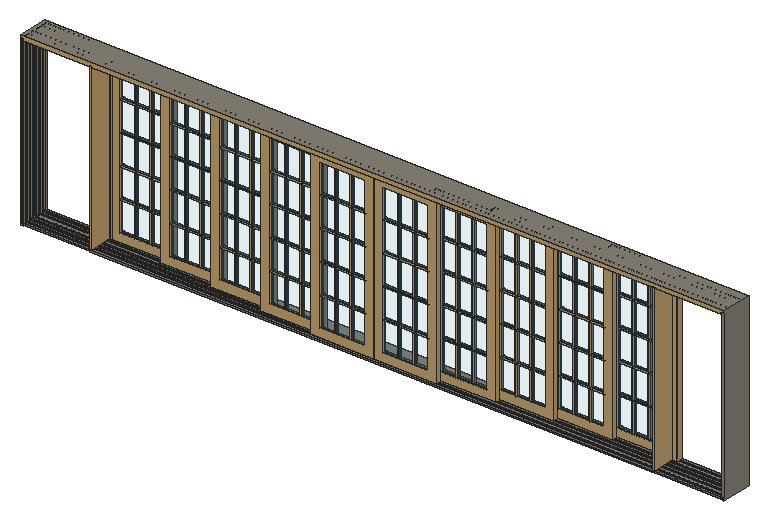
Revit family
Parameters (values of type "CMMSDP30080_PXXXXX-XXXXXP")
  W1 = if(Panels = 2, Nominal Width + 0' 0 5/64", if(Panels = 4, Nominal Width - 0' 11 17/64", if(Panels = 6, Nominal Width - 1' 10 39/64", if(Panels = 8, Nominal Width - 2' 9 61/64", Nominal Width - 3' 9 19/64"))))  # 26' - 2 45/64"
  V5a = if(Panels > 8, 0' 1 13/16", 0' 0")  # 0' - 1 13/16"
  V5 = if(Panels > 8, 0' 0 7/32", 0' 1")  # 0' - 0 7/32"
  V4a = if(Panels > 6, 0' 1 13/16", 0' 0")  # 0' - 1 13/16"
  V4 = if(Panels > 6, 0' 0 7/32", 0' 1")  # 0' - 0 7/32"
  V3a = if(Panels > 4, 0' 1 13/16", 0' 0")  # 0' - 1 13/16"
  V3 = if(Panels > 4, 0' 0 7/32", 0' 1")  # 0' - 0 7/32"
  V2a = if(Panels > 2, 0' 1 13/16", 0' 0")  # 0' - 1 13/16"
  V2 = if(Panels > 2, 0' 0 7/32", 0' 1")  # 0' - 0 7/32"
  URL = "www.marvin.com"
  Sill Material = Polyurethane-Marvin-Bronze
  Sill Liner = if(Performance Sill Constraint, 0' 1 1/16", 0' 0")  # 0' - 0"
  Rough Width Exterior = W1 + 0' 2 1/32"  # 26' - 4 47/64"
  Prairie Corner Width = 0' - 4"
  Prairie Corner Height = 0' - 4"
  Note to User = "PX-XP Flush Sill only"  # constant formula
  Performance Sill = no
  Performance Sill Constraint = and(P, Performance Sill)  # no
  P = Panels > 2  # yes
  Operator Arrow Visibility = yes
  Muntins Interior Material = Wood-Marvin-Pine
  Muntins Exterior Material = Aluminum-Marvin-Bronze
  Lite Cut Prairie 9 = no
  Lite Cut HV Grid = not(Lite Cut Prairie 9)  # yes
  Interior Material = Wood-Marvin-Pine
  Int Rough Offset = if(Panels = 2, 0' 4 39/128", 0' 0 7/128")  # 0' - 0 7/128"
  Function = 1
  Frame = "Aluminum Clad"
  Flush Sill = not(Performance Sill Constraint)  # yes
  Panel Start Center = Panel Width / 2  # 1' - 5 17/32"
  Panel Center = Panel Width - Panel Stile  # 2' - 6 21/64"
  Panel Stile = 0' - 4 47/64"  # constant formula
  Thickness = 0' - 2 1/4"  # constant formula
  Rough Width = Width + 0' 1"  # 32' - 9 15/16"
  Rough Height = Height + 0' 0 1/2"  # 7' - 11 7/32"
  Panels = if(Number of Panels < 2, 2, if(Number of Panels = 3, 4, if(Number of Panels = 5, 6, if(Number of Panels = 7, 8, if(Number of Panels = 9, 10, if(Number of Panels > 10, 10, Number of Panels))))))  # 10
  Panel Width = (W1 - 0' 1 61/64" + (Panel Stile * (Panels - 2))) / Panels  # 2' - 11 1/16"
  Panel Height = Height - 0' 2 7/32"  # 7' - 8 1/2"
  Panel 5 Visibility = Number of Panels > 8  # yes
  Panel 4 Visibility = Number of Panels > 6  # yes
  Panel 3 Visibility = Number of Panels > 4  # yes
  Number of Panels = 10
  Nominal Width = 30' - 0"
  Nominal Height = 8' - 0"
  Muntins Interior Visibility = yes
  Muntins Exterior Visibility = yes
  Model = "CMMSDP30080_PXXXXX-XXXXXP"
  Manufacturer = "Marvin Windows and Doors"
  Lites Wide = 3
  Lites High = 5
  Label Visibility = no
  Pocket Depth = Jamb Depth + 0' 0 3/8"  # 1' - 5 5/16"
  Jamb Depth = if(Panels = 2, 0' 4 55/64", if(Panels = 4, 0' 7 7/8", if(Panels = 6, 0' 10 57/64", if(Panels = 8, 1' 1 59/64", 1' 4 15/16"))))  # 1' - 4 15/16"
  Inset to Pocket Face [instance] = 0' - 2"
  Height = if(Nominal Height = 7' 0", Nominal Height + 0' 1 7/32", Nominal Height - 0' 1 9/32")  # 7' - 10 23/32"
  Wall Closure = (empty or 0)
  Width = if(Panel Width < 3' 0", W1 + 6' 6 15/64", if(Panel Width < 4' 0", W1 + 8' 6 15/64", if(Panel Width < 5' 0", W1 + 10' 6 15/64", W1 + 12' 6 15/64")))  # 32' - 8 15/16"
  Glazing Material = Glass-Marvin-IG Low E II with Argon
  Glass Type = "IG Low E II with Argon"
  Family created by = "www.rbuiltcomponents.com"
  Door Type = "Clad Ultimate Multi-Slide Pocket Door"
  Design Pressure = if(DP_1, "Not Rated", "DP40")  # "Not Rated"
  Description = "30080 MS DOOR"
  Daylight Area = DLO Width Panel * DLO Height Panel * Panels  # 147.575 SF
  Panel 2 Visibility = Number of Panels > 2  # yes
  DP_1 = or(or(Panel Height > 10' 0", Panel Width > 4' 0"), or(Panels = 2, Flush Sill))  # yes
  DLO Width Panel = Panel Width - (Panel Stile * 2)  # 2' - 1 19/32"
  DLO Height Panel = Panel Height - (Panel Stile * 2)  # 6' - 11 1/32"
  Cladding Material = Aluminum-Marvin-Bronze
  Assembly Code = ""
Reference planes (in)
  plane 1 "Center (Front/Back)": y = 0
  plane 2 "Center (Left/Right)": x = 0
  plane 3 "L": x = -157.35156
  plane 4 "Top": z = 94.71875
  plane 5 "Exterior": y = 11
  plane 6 "Interior": y = -11
  plane 7 "Inset": y = 7.90625
  plane 8: x = -156.42969
  plane 9: z = 93.71875
  plane 10 "Jamb Ext Face": y = -7.9375
  plane 11 "P1": y = 7.53125
  plane 12: y = 4.51172
  plane 13: y = 1.49219
  plane 14: y = -1.52734
  plane 15: x = -108.57031
  plane 16: x = -78.24219
  plane 17: x = -47.91406
  plane 18: x = -138.89844
  plane 19: x = -17.58594
  plane 20: y = -7.56641
  plane 21: y = -4.54688
  plane 22 "Right": x = -196.46875
  plane 23 "Pocket Ext": y = 9
  plane 24: x = -157.85156
  plane 25 "Ext Rough Right": x = -158.36719
  plane 26: y = -8.3125
  plane 27: x = -195.54688
  plane 28: x = 157.35156
  plane 29: x = 156.42969
  plane 30: x = 108.57031
  plane 31: x = 78.24219
  plane 32: x = 47.91406
  plane 33: x = 138.89844
  plane 34: x = 17.58594
  plane 35 "Left": x = 196.46875
  plane 36: x = 157.85156
  plane 37 "Ext Rough Left": x = 158.36719
  plane 38: x = 195.54688
  plane 39 "Int Rough Left": x = 157.40625
  plane 40 "Int Rough Right": x = -157.40625
  plane 41 "Rough Right": x = -196.96875
  plane 42 "Rough Left": x = 196.96875
Forms (in)
  Extrusion 1, void
    sketch origin (0, 0, 0) x (1, 0, 0) y (0, 1, 0)
      loop
        line (-156.90625, 9) -> (-156.90625, -11) -> (156.90625, -11) -> (156.90625, 9) -> (-156.90625, 9)
    from 0 to 94.71875
  Sweep 2, solid, material "Polyurethane-Marvin-Bronze" <- "Sill Material"
    path origin (0, 7.90625, 0) x (1, 0, 0) y (0, 0, 1)
      loop
        line (195.54688, 0) -> (-195.54688, 0)
    profile origin (0, 7.90625, 0) x (0, 0, -1) y (0, -1, 0)
      loop
        line (0, -1.03125) -> (0, 15.375) -> (-0.75, 15.375) -> (-0.75, 14.11328) -> (-0.25, 14.11328) -> (-0.25, 12.67578) -> (-0.75, 12.67578) -> (-0.75, -1.03125) -> (0, -1.03125)
  Sweep 3, solid, material "Polyurethane-Marvin-Bronze" <- "Sill Material"
    path origin (0, 7.90625, 0) x (1, 0, 0) y (0, 0, 1)
      loop
        line (157.85156, 0) -> (-157.85156, 0)
    profile origin (0, 7.90625, 0) x (0, 0, -1) y (0, -1, 0)
      loop
        line (-0.75, 15.375) -> (0, 15.375) -> (0, 15.84375) -> (-0.75, 15.84375) -> (-0.75, 15.375)
  Sweep 4, solid, material "Aluminum-Marvin-Bronze" <- "Cladding Material"
    path origin (0, 7.90625, 0) x (1, 0, 0) y (0, 0, 1)
      loop
        line (-196.46875, 0) -> (-196.46875, 94.71875) -> (196.46875, 94.71875) -> (196.46875, 0)
    profile origin (0, 7.90625, 94.71875) x (0, 0, 1) y (0, -1, 0)
      loop
        line (0, 15.84375) -> (-1.971, 15.84375) -> (-1.971, 15.0625) -> (-1.8125, 15.0625) -> (-1.8125, -0.40625) -> (-0.84375, -0.40625) -> (-0.84375, -1.0935) -> (0, -1.0935) -> (0, 15.84375)
  Sweep 5, void
    path origin (0, 7.90625, 0) x (1, 0, 0) y (0, 0, 1)
      loop
        line (-194.65625, 94.71875) -> (-121.36719, 94.71875)
    profile origin (-158.01172, 7.90625, 94.71875) x (0, 0, 1) y (0, -1, 0)
      loop
        line (-0.25, 2.76172) -> (-1.5, 2.76172) -> (-1.5, 3.01172) -> (-1.8125, 3.01172) -> (-1.8125, 0) -> (-1.5, 0) -> (-1.5, 0.25) -> (-0.25, 0.25) -> (-0.25, 2.76172)
  Sweep 6, void
    path origin (0, 7.90625, 0) x (1, 0, 0) y (0, 0, 1)
      loop
        line (-194.65625, 94.71875) -> (-91.03906, 94.71875)
    profile origin (-142.84766, 7.90625, 94.71875) x (0, 0, 1) y (0, -1, 0)
      loop
        line (-0.25, 3.26172) -> (-0.25, 5.77344) -> (-1.5, 5.77344) -> (-1.5, 6.02344) -> (-1.8125, 6.02344) -> (-1.8125, 3.01172) -> (-1.5, 3.01172) -> (-1.5, 3.26172) -> (-0.25, 3.26172)
  Sweep 7, void
    path origin (0, 7.90625, 0) x (1, 0, 0) y (0, 0, 1)
      loop
        line (-194.65625, 94.71875) -> (-60.71094, 94.71875)
    profile origin (-127.68359, 7.90625, 94.71875) x (0, 0, 1) y (0, -1, 0)
      loop
        line (-0.25, 8.78125) -> (-1.5, 8.78125) -> (-1.5, 9.03125) -> (-1.8125, 9.03125) -> (-1.8125, 5.89453) -> (-1.5, 5.89453) -> (-1.5, 6.26953) -> (-0.25, 6.26953) -> (-0.25, 8.78125)
  Sweep 8, void
    path origin (0, 7.90625, 0) x (1, 0, 0) y (0, 0, 1)
      loop
        line (-194.65625, 94.71875) -> (-30.38281, 94.71875)
    profile origin (-112.51953, 7.90625, 94.71875) x (0, 0, 1) y (0, -1, 0)
      loop
        line (-0.25, 9.28906) -> (-0.25, 11.80078) -> (-1.5, 11.80078) -> (-1.5, 12.05078) -> (-1.8125, 12.05078) -> (-1.8125, 8.91406) -> (-1.5, 8.91406) -> (-1.5, 9.28906) -> (-0.25, 9.28906)
  Sweep 9, void
    path origin (0, 7.90625, 0) x (1, 0, 0) y (0, 0, 1)
      loop
        line (-194.65625, 94.71875) -> (194.65625, 94.71875)
    profile origin (0, 7.90625, 94.71875) x (0, 0, 1) y (0, -1, 0)
      loop
        line (-0.25, 14.82031) -> (-1.5, 14.82031) -> (-1.5, 15.07031) -> (-1.8125, 15.07031) -> (-1.8125, 11.93359) -> (-1.5, 11.93359) -> (-1.5, 12.30859) -> (-0.25, 12.30859) -> (-0.25, 14.82031)
  Extrusion 10, void
    sketch origin (0, 0, 0) x (1, 0, 0) y (0, 1, 0)
      loop
        line (-195.54688, 4.29297) -> (-195.54688, 2.82617) -> (-91.03906, 2.82617) -> (-91.03906, 4.29297) -> (-195.54688, 4.29297)
      loop
        line (-195.54688, -0.18555) -> (-60.71094, -0.18555) -> (-60.71094, 1.27344) -> (-195.54688, 1.27344) -> (-195.54688, -0.18555)
      loop
        line (-195.54688, -3.18359) -> (-30.38281, -3.18359) -> (-30.38281, -1.74609) -> (-195.54688, -1.74609) -> (-195.54688, -3.18359)
      loop
        line (-195.54688, -6.20313) -> (-0.05469, -6.20313) -> (-0.05469, -4.76563) -> (-195.54688, -4.76563) -> (-195.54688, -6.20313)
      loop
        line (-195.54688, 5.83789) -> (-121.36719, 5.83789) -> (-121.36719, 7.25391) -> (-195.54688, 7.25391) -> (-195.54688, 5.83789)
    from 0.25 to 0.75
  Sweep 11, solid, material "Aluminum-Marvin-Bronze" <- "Cladding Material"
    path origin (0, 7.53125, 0) x (1, 0, 0) y (0, 0, 1)
      loop
        line (-157.85156, 94.71875) -> (-157.85156, 0)
    profile origin (-157.85156, 7.53125, 47.35938) x (0, -1, 0) y (1, 0, 0)
      loop
        line (-1.4685, 1.31425) -> (-1.4685, 0.0625) -> (-3.2185, 0.0625) -> (-3.2185, 0) -> (-1.4685, 0) -> (-1.4685, -1.4675) -> (-1.406, -1.4675) -> (-1.406, 0.42092) -> (-0.69862, 0.42092) -> (-0.60434, 0.3549) -> (-0.60434, -0.24561) -> (-0.52621, -0.30031) -> (-0.125, -0.30031) -> (-0.125, 1.908) -> (-0.375, 1.908) -> (-0.375, 2.283) -> (-0.8125, 2.283) -> (-0.8125, 1.31425) -> (-1.4685, 1.31425)
  Extrusion 12, void
    sketch origin (0, 0, 0) x (1, 0, 0) y (0, 1, 0)
      loop
        line (-196.46875, 9) -> (-196.46875, -8.3125) -> (-156.42969, -8.3125) -> (-156.42969, 9) -> (-196.46875, 9)
    from 0 to 94.71875
  Sweep 13, void
    path origin (0, 7.90625, 0) x (1, 0, 0) y (0, 0, 1)
      loop
        line (-196.46875, 93.71875) -> (-196.46875, 0.75)
    profile origin (-196.46875, 7.90625, 47.23438) x (0, -1, 0) y (1, 0, 0)
      loop
        line (0.24975, 1.5) -> (0.24975, 0.25) -> (2.74194, 0.25) -> (2.74194, 1.5) -> (3.281, 1.5) -> (3.281, 0.25) -> (5.75366, 0.25) -> (5.75366, 1.5) -> (6.29272, 1.5) -> (6.29272, 0.25) -> (8.76538, 0.25) -> (8.76538, 1.5) -> (9.30444, 1.5) -> (9.30444, 0.25) -> (11.77709, 0.25) -> (11.77709, 1.5) -> (12.31616, 1.5) -> (12.31616, 0.25) -> (14.78881, 0.25) -> (14.78881, 1.5) -> (15.32788, 1.5) -> (15.32788, 1.8125) -> (-0.00025, 1.8125) -> (-0.00025, 1.5) -> (0.24975, 1.5)
  Sweep 14, void
    path origin (0, 7.90625, 0) x (1, 0, 0) y (0, 0, 1)
      loop
        line (-196.46875, 93.71875) -> (-196.46875, 0.75)
    profile origin (-196.46875, 7.90625, 47.23438) x (0, -1, 0) y (1, 0, 0)
      loop
        line (12.31225, 1.5) -> (12.31225, 0.25) -> (14.78491, 0.25) -> (14.78491, 1.5) -> (15.32397, 1.5) -> (15.32397, -0.25) -> (16.21875, -0.25) -> (16.21875, 2.03125) -> (15.03125, 2.03125) -> (15.03125, 1.8125) -> (11.77319, 1.8125) -> (11.77319, 1.5) -> (12.31225, 1.5)
  Sweep 15, solid, material "Wood-Marvin-Pine" <- "Interior Material"
    path origin (0, 7.53125, 0) x (1, 0, 0) y (0, 0, 1)
      loop
        line (-157.85156, 93.21875) -> (-157.85156, 1.21875)
    profile origin (-157.85156, 7.53125, 47.21875) x (0, -1, 0) y (1, 0, 0)
      loop
        line (-0.52621, -2.40625) -> (3.25, -2.40625) -> (3.25, 0.10925) -> (15.46875, 0.10925) -> (15.46875, 1.203) -> (3.25, 1.203) -> (3.25, 1.30256) -> (2.84881, 1.70375) -> (2.21875, 1.70375) -> (2.21875, 1.42187) -> (-0.125, 1.42187) -> (-0.125, -0.30031) -> (-0.52621, -0.30031) -> (-0.52621, -2.40625)
  Extrusion 16, void
    sketch origin (0, -7.9375, 0) x (1, 0, 0) y (0, 0, 1)
      loop
        line (-157.74231, 93.21875) -> (-157.74231, 92.74775) -> (-156.64856, 92.74775) -> (-156.64856, 93.21875) -> (-157.74231, 93.21875)
      loop
        line (-157.74231, 0.75) -> (-157.74231, 0) -> (-156.64856, 0) -> (-156.64856, 0.75) -> (-157.74231, 0.75)
    from 0 to -0.78125
  Extrusion 17, void
    sketch origin (0.125, 0, 0) x (-1, 0, 0) y (0, -1, 0)
      loop
        line (-196.34375, -9) -> (-156.30469, -9) -> (-156.30469, 8.3125) -> (-196.34375, 8.3125) -> (-196.34375, -9)
    from 0 to 94.71875
  Sweep 18, solid, material "Aluminum-Marvin-Bronze" <- "Cladding Material"
    path origin (0, 7.53125, 0) x (-1, 0, 0) y (0, 0, 1)
      loop
        line (-157.85156, 94.71875) -> (-157.85156, 0)
    profile origin (157.85156, 7.53125, 47.35938) x (0, -1, 0) y (1, 0, 0)
      loop
        line (-1.4685, -1.31425) -> (-0.8125, -1.31425) -> (-0.8125, -2.283) -> (-0.375, -2.283) -> (-0.375, -1.908) -> (-0.125, -1.908) -> (-0.125, 0.30031) -> (-0.52621, 0.30031) -> (-0.60434, 0.24561) -> (-0.60434, -0.3549) -> (-0.69862, -0.42092) -> (-1.406, -0.42092) -> (-1.406, 1.4675) -> (-1.4685, 1.4675) -> (-1.4685, 0) -> (-3.2185, 0) -> (-3.2185, -0.0625) -> (-1.4685, -0.0625) -> (-1.4685, -1.31425)
  Sweep 19, solid, material "Wood-Marvin-Pine" <- "Interior Material"
    path origin (0, 7.53125, 0) x (-1, 0, 0) y (0, 0, 1)
      loop
        line (-157.85156, 93.21875) -> (-157.85156, 1.21875)
    profile origin (157.85156, 7.53125, 47.21875) x (0, -1, 0) y (1, 0, 0)
      loop
        line (-0.52621, 2.40625) -> (-0.52621, 0.30031) -> (-0.125, 0.30031) -> (-0.125, -1.42187) -> (2.21875, -1.42187) -> (2.21875, -1.70375) -> (2.84881, -1.70375) -> (3.25, -1.30256) -> (3.25, -1.203) -> (15.46875, -1.203) -> (15.46875, -0.10925) -> (3.25, -0.10925) -> (3.25, 2.40625) -> (-0.52621, 2.40625)
  Extrusion 20, void
    sketch origin (0, -7.9375, 0) x (-1, 0, 0) y (0, 0, -1)
      loop
        line (-157.74231, -93.21875) -> (-156.64856, -93.21875) -> (-156.64856, -92.74775) -> (-157.74231, -92.74775) -> (-157.74231, -93.21875)
      loop
        line (-157.74231, -0.75) -> (-156.64856, -0.75) -> (-156.64856, 0) -> (-157.74231, 0) -> (-157.74231, -0.75)
    from 0 to -0.78125
  Extrusion 21, void
    sketch origin (0, 0, 0) x (-1, 0, 0) y (0, -1, 0)
      loop
        line (-195.54688, -4.29297) -> (-91.03906, -4.29297) -> (-91.03906, -2.82617) -> (-195.54688, -2.82617) -> (-195.54688, -4.29297)
      loop
        line (-195.54688, 0.18555) -> (-195.54688, -1.27344) -> (-60.71094, -1.27344) -> (-60.71094, 0.18555) -> (-195.54688, 0.18555)
      loop
        line (-195.54688, 3.18359) -> (-195.54688, 1.74609) -> (-30.38281, 1.74609) -> (-30.38281, 3.18359) -> (-195.54688, 3.18359)
      loop
        line (-195.54688, 6.20312) -> (-195.54688, 4.76562) -> (-0.05469, 4.76562) -> (-0.05469, 6.20312) -> (-195.54688, 6.20312)
      loop
        line (-195.54688, -5.83789) -> (-195.54688, -7.25391) -> (-121.36719, -7.25391) -> (-121.36719, -5.83789) -> (-195.54688, -5.83789)
    from 0.25 to 0.75
  Sweep 22, void
    path origin (0, 7.90625, 0) x (-1, 0, 0) y (0, 0, 1)
      loop
        line (-196.46875, 93.71875) -> (-196.46875, 0.75)
    profile origin (196.46875, 7.90625, 47.23438) x (0, -1, 0) y (1, 0, 0)
      loop
        line (0.24975, -1.5) -> (-0.00025, -1.5) -> (-0.00025, -1.8125) -> (15.32788, -1.8125) -> (15.32788, -1.5) -> (14.78881, -1.5) -> (14.78881, -0.25) -> (12.31616, -0.25) -> (12.31616, -1.5) -> (11.77709, -1.5) -> (11.77709, -0.25) -> (9.30444, -0.25) -> (9.30444, -1.5) -> (8.76538, -1.5) -> (8.76538, -0.25) -> (6.29272, -0.25) -> (6.29272, -1.5) -> (5.75366, -1.5) -> (5.75366, -0.25) -> (3.281, -0.25) -> (3.281, -1.5) -> (2.74194, -1.5) -> (2.74194, -0.25) -> (0.24975, -0.25) -> (0.24975, -1.5)
  Sweep 23, void
    path origin (0, 7.90625, 0) x (-1, 0, 0) y (0, 0, 1)
      loop
        line (-196.46875, 93.71875) -> (-196.46875, 0.75)
    profile origin (196.46875, 7.90625, 47.23438) x (0, -1, 0) y (1, 0, 0)
      loop
        line (12.31225, -1.5) -> (11.77319, -1.5) -> (11.77319, -1.8125) -> (15.03125, -1.8125) -> (15.03125, -2.03125) -> (16.21875, -2.03125) -> (16.21875, 0.25) -> (15.32397, 0.25) -> (15.32397, -1.5) -> (14.78491, -1.5) -> (14.78491, -0.25) -> (12.31225, -0.25) -> (12.31225, -1.5)
  Sweep 24, void
    path origin (0, 7.90625, 0) x (-1, 0, 0) y (0, 0, 1)
      loop
        line (-194.65625, 94.71875) -> (-121.36719, 94.71875)
    profile origin (158.01172, 7.90625, 94.71875) x (0, 0, -1) y (0, -1, 0)
      loop
        line (0.25, 2.74219) -> (0.25, 0.25) -> (1.5, 0.25) -> (1.5, 0) -> (1.8125, 0) -> (1.8125, 2.99219) -> (1.5, 2.99219) -> (1.5, 2.74219) -> (0.25, 2.74219)
  Sweep 25, void
    path origin (0, 7.90625, 0) x (-1, 0, 0) y (0, 0, 1)
      loop
        line (-194.65625, 94.71875) -> (-91.03906, 94.71875)
    profile origin (142.84766, 7.90625, 94.71875) x (0, 0, -1) y (0, -1, 0)
      loop
        line (0.25, 3.26172) -> (1.5, 3.26172) -> (1.5, 2.76172) -> (1.8125, 2.76172) -> (1.8125, 6.00391) -> (1.5, 6.00391) -> (1.5, 5.75391) -> (0.25, 5.75391) -> (0.25, 3.26172)
  Sweep 26, void
    path origin (0, 7.90625, 0) x (-1, 0, 0) y (0, 0, 1)
      loop
        line (-194.65625, 94.71875) -> (-60.71094, 94.71875)
    profile origin (127.68359, 7.90625, 94.71875) x (0, 0, -1) y (0, -1, 0)
      loop
        line (0.25, 8.76563) -> (0.25, 6.26953) -> (1.5, 6.26953) -> (1.5, 5.89453) -> (1.8125, 5.89453) -> (1.8125, 9.01563) -> (1.5, 9.01563) -> (1.5, 8.76563) -> (0.25, 8.76563)
  Sweep 27, void
    path origin (0, 7.90625, 0) x (-1, 0, 0) y (0, 0, 1)
      loop
        line (-194.65625, 94.71875) -> (-30.38281, 94.71875)
    profile origin (112.51953, 7.90625, 94.71875) x (0, 0, -1) y (0, -1, 0)
      loop
        line (0.25, 9.28906) -> (1.5, 9.28906) -> (1.5, 8.91406) -> (1.8125, 8.91406) -> (1.8125, 12.02734) -> (1.5, 12.02734) -> (1.5, 11.77734) -> (0.25, 11.77734) -> (0.25, 9.28906)
  Extrusion 28, void
    sketch origin (0, 0, 0) x (1, 0, 0) y (0, 1, 0)
      loop
        line (-157.86719, 11) -> (-157.86719, 9) -> (157.86719, 9) -> (157.86719, 11) -> (-157.86719, 11)
    from 0 to 94.71875
Cuts and joins
  Sweep 5, Sweep 6, Sweep 7, Sweep 8, Sweep 9, Sweep 13, Sweep 14, Sweep 22, Sweep 23, Sweep 24, Sweep 25, Sweep 26, Sweep 27, Extrusion 28 cuts Sweep 4
  Extrusion 16, Extrusion 17, Extrusion 20, Sweep 22, Sweep 23, Sweep 24, Sweep 25, Sweep 26, Sweep 27, Extrusion 28 cuts Sweep 11
  Sweep 22, Sweep 23, Sweep 24, Sweep 25, Sweep 26, Sweep 27, Extrusion 28 cuts Sweep 18
  joined: Sweep 4, Sweep 11, Sweep 18
  Extrusion 16, Extrusion 17, Extrusion 20, Sweep 24, Sweep 25, Sweep 26, Sweep 27, Extrusion 28 cuts Sweep 15
  Sweep 6, Sweep 7, Sweep 8, Sweep 9, Extrusion 10, Sweep 13, Sweep 14, Extrusion 21, Sweep 23, Extrusion 28 cuts Sweep 2
  Extrusion 10, Sweep 13, Sweep 14, Extrusion 21, Sweep 22, Sweep 23, Extrusion 28 cuts Sweep 3
  joined: Sweep 2, Sweep 3
  Extrusion 20, Extrusion 28 cuts Sweep 19
Lines and regions (in)
  Masking region 1
    outline origin (0, 0, 0) x (0, 1, 0) y (0, 0, 1)
      loop
        line (8.99975, 94.71875) -> (-7.9375, 94.71875) -> (-7.9375, 0) -> (8.99975, 0) -> (8.99975, 94.71875)
  symbolic lines, style "DoorsPanelProjection", detail levels coarse+medium
    curve 1: line (0, 7.53125, 93.71875) -> (0, 5.3125, 93.71875)
    curve 2: line (0, 7.53125, 88.98437) -> (0, 7.53125, 93.71875)
    curve 3: line (0, 5.3125, 88.98437) -> (0, 7.53125, 88.98437)
    curve 4: line (0, 5.3125, 93.71875) -> (0, 5.3125, 88.98437)
    curve 5: line (0, 5.3125, 1.21875) -> (0, 7.53125, 1.21875)
    curve 6: line (0, 5.3125, 5.95312) -> (0, 5.3125, 1.21875)
    curve 7: line (0, 7.53125, 5.95312) -> (0, 5.3125, 5.95312)
    curve 8: line (0, 7.53125, 1.21875) -> (0, 7.53125, 5.95312)
    curve 9: line (0, 7.53125, 5.95312) -> (0, 7.53125, 88.98437)
    curve 15: line (0, 5.3125, 88.98437) -> (0, 5.3125, 5.95312)
  symbolic lines, style "DoorsGlassProjection", detail levels coarse+medium
    curve 10: line (0, 6.42187, 5.95312) -> (0, 6.42187, 88.98437)
  symbolic lines, style "DoorsFrameMullionProjection", detail levels coarse+medium
    curve 11: line (0, 8.99975, 94.71875) -> (0, -7.9375, 94.71875)
    curve 12: line (0, 8.99975, 92.90625) -> (0, 8.99975, 94.71875)
    curve 13: line (0, -7.9375, 92.74775) -> (0, -6.90625, 92.74775)
    curve 14: line (0, -7.9375, 94.71875) -> (0, -7.9375, 92.74775)
    curve 16: line (0, -6.90625, 93.71875) -> (0, 7.65625, 93.71875)
    curve 17: line (0, 7.65625, 92.90625) -> (0, 7.65625, 93.71875)
    curve 18: line (0, -6.90625, 92.74775) -> (0, -6.90625, 93.71875)
    curve 19: line (0, 7.65625, 92.90625) -> (0, 8.99975, 92.90625)
    curve 20: line (0, 9, 0) -> (0, -7.9375, 0)
    curve 21: line (0, 9, 0.75) -> (0, 9, 0)
    curve 22: line (0, -7.9375, 0.75) -> (0, 9, 0.75)
    curve 23: line (0, -7.9375, 0) -> (0, -7.9375, 0.75)
Text (in)
  text "Exterior" at (-74.96733, 27.31104, 0), in view "Ref. Level"
  text "Interior" at (-74.96733, -25.14366, 0), in view "Ref. Level"
  text "Exterior" at (0, 40.15149, 123.01588), in view "Right"
  text "Interior" at (0, -64.39139, 123.01588), in view "Right"
  text "Interior" at (0, -31.01599, 123.00693), in view "Left"
  text "Exterior" at (0, 54.57065, 123.00693), in view "Left"
Dimensions and locks (in)
  "Height": level to plane 4 "Top"
  locked: plane 3 "L" to plane 8 at 0.92188
  locked: plane 9 to plane 4 "Top" at 1
  locked: nested 1 to host wall at 12
  equal spacing: nested 6, curve 10, nested 6
  locked: Sweep 4 sketch curve to plane 10 "Jamb Ext Face" at 0.78125
  Sweep 9 sketch curve to Sweep 9 sketch curve to Sweep 9 sketch curve = 0' - 1 1/4" locked, 0' - 0 5/16" locked
  "V5a": Sweep 9 sketch curve to plane 4 "Top"
  Sweep 8 sketch curve to Sweep 8 sketch curve to Sweep 8 sketch curve = 0' - 0 5/16" locked, 0' - 1 1/4" locked
  "V4a": Sweep 8 sketch curve to plane 4 "Top"
  Sweep 7 sketch curve to Sweep 7 sketch curve to Sweep 7 sketch curve = 0' - 1 1/4" locked, 0' - 0 5/16" locked
  "V3a": Sweep 7 sketch curve to plane 4 "Top"
  Sweep 5 sketch curve to Sweep 5 sketch curve to plane 11 "P1" to Sweep 5 sketch curve to Sweep 5 sketch curve = 0' - 0 1/4" locked, 0' - 0 1/8" locked, 0' - 2 99/256" locked, 0' - 0 1/4" locked
  Sweep 6 sketch curve to Sweep 6 sketch curve to plane 12 to Sweep 6 sketch curve to Sweep 6 sketch curve = 0' - 0 1/4" locked, 0' - 0 17/128" locked, 0' - 2 97/256" locked, 0' - 0 1/4" locked
  Sweep 7 sketch curve to Sweep 7 sketch curve to plane 13 to Sweep 7 sketch curve to Sweep 7 sketch curve = 0' - 0 3/8" locked, 0' - 0 37/256" locked, 0' - 2 47/128" locked, 0' - 0 1/4" locked
  Sweep 8 sketch curve to Sweep 8 sketch curve to plane 14 to Sweep 8 sketch curve to Sweep 8 sketch curve = 0' - 0 3/8" locked, 0' - 0 37/256" locked, 0' - 2 47/128" locked, 0' - 0 1/4" locked
  Sweep 9 sketch curve to Sweep 9 sketch curve to plane 21 to Sweep 9 sketch curve to Sweep 9 sketch curve = 0' - 0 3/8" locked, 0' - 0 37/256" locked, 0' - 2 47/128" locked, 0' - 0 1/4" locked
  locked: Sweep 2 sketch curve to plane 10 "Jamb Ext Face" at 0.46875
  "V5": plane 21 to Extrusion 10 sketch curve
  "V4": Extrusion 10 sketch curve to plane 14
  "V3": Extrusion 10 sketch curve to plane 13
  Sweep 2 sketch curve to Sweep 2 sketch curve to plane 10 "Jamb Ext Face" = 0' - 1 7/16" locked, 0' - 1 187/256" locked
  locked: Extrusion 10 to level at 0.25
  "Panel Start Center": plane 15 to Extrusion 10 sketch curve
  "Panel Start Center": plane 16 to Extrusion 10 sketch curve
  "Panel Start Center": plane 17 to Extrusion 10 sketch curve
  "Panel Start Center": plane 19 to Extrusion 10 sketch curve
  locked: Extrusion 10 sketch curve to plane 12 at 1.68555
  locked: Extrusion 10 sketch curve to plane 13 at 1.67773
  locked: Extrusion 10 sketch curve to plane 14 at 1.65625
  locked: plane 21 to Extrusion 10 sketch curve at 1.65625
  "Panel Start Center": plane 18 to Extrusion 10 sketch curve
  "Inset to Pocket Face": host wall to plane 23 "Pocket Ext"
  "Jamb Depth": plane 10 "Jamb Ext Face" to plane 23 "Pocket Ext"
  locked: plane 11 "P1" to plane 7 "Inset" at 0.375
  plane 20 to plane 21 to plane 14 to plane 13 to plane 12 to plane 11 "P1" = 0' - 3 5/256" locked, 0' - 3 5/256" locked, 0' - 3 5/256" locked, 0' - 3 5/256" locked, 0' - 3 5/256" locked
  locked: plane 7 "Inset" to plane 23 "Pocket Ext" at 1.09375
  plane 25 "Ext Rough Right" to plane 24 to plane 3 "L" = 0' - 0 33/64" locked, 0' - 0 1/2" locked
  locked: plane 26 to plane 10 "Jamb Ext Face" at 0.375
  locked: plane 22 "Right" to plane 27 at 0.92187
  plane 10 "Jamb Ext Face" to Sweep 14 sketch curve to Sweep 14 sketch curve to Sweep 14 sketch curve to Sweep 14 sketch curve = 0' - 0.51978" locked, 0' - 0 69/128" locked, 0' - 2 121/256" locked, 0' - 0 69/128" locked
  "Sill Liner": Sweep 3 sketch curve to nested 6
  locked: Extrusion 10 sketch curve to plane 11 "P1" at 1.69336
  "V2": Extrusion 10 sketch curve to plane 12
  Sweep 6 sketch curve to Sweep 6 sketch curve to Sweep 6 sketch curve = 0' - 0 5/16" locked, 0' - 1 1/4" locked
  "V2a": Sweep 6 sketch curve to plane 4 "Top"
  "Panel Start Center": plane 18 to plane 8
  locked: plane 28 to plane 29 at 0.92188
  plane 37 "Ext Rough Left" to plane 36 to plane 28 = 0' - 0 33/64" locked, 0' - 0 1/2" locked
  locked: plane 35 "Left" to plane 38 at 0.92187
  "Panel Start Center": plane 33 to plane 29
  "Width": plane 35 "Left" to plane 22 "Right"
  "W1": plane 28 to plane 3 "L"
  "Panel Center": plane 30 to plane 33
  "Panel Center": plane 31 to plane 30
  "Panel Center": plane 32 to plane 31
  "Panel Center": plane 34 to plane 32
  "Panel Center": plane 17 to plane 19
  "Panel Center": plane 17 to plane 16
  "Panel Center": plane 16 to plane 15
  "Panel Center": plane 15 to plane 18
  equal spacing: plane 22 "Right", plane 2 "Center (Left/Right)", plane 35 "Left"
  locked: Extrusion 21 sketch curve to Extrusion 21 sketch curve at 1.41602
  "V2": Extrusion 21 sketch curve to plane 12
  locked: Extrusion 21 sketch curve to Extrusion 21 sketch curve at 1.4668
  "V3": Extrusion 21 sketch curve to plane 13
  locked: Extrusion 21 sketch curve to Extrusion 21 sketch curve at 1.45898
  "V4": Extrusion 21 sketch curve to plane 14
  locked: Extrusion 21 sketch curve to Extrusion 21 sketch curve at 1.4375  (x2)
  "V5": plane 21 to Extrusion 21 sketch curve
  "Panel Start Center": Extrusion 21 sketch curve to plane 34
  "Panel Start Center": Extrusion 21 sketch curve to plane 32
  "Panel Start Center": Extrusion 21 sketch curve to plane 31
  "Panel Start Center": Extrusion 21 sketch curve to plane 30
  "Panel Start Center": Extrusion 21 sketch curve to plane 33
  Sweep 23 sketch curve to Sweep 23 sketch curve to Sweep 23 sketch curve to Sweep 23 sketch curve = 0' - 0 69/128" locked, 0' - 2 121/256" locked, 0' - 0 69/128" locked
  Sweep 23 sketch curve to plane 10 "Jamb Ext Face" to Sweep 23 sketch curve = 0' - 0 3/8" locked, 0' - 0.51978" locked
  Sweep 27 sketch curve to Sweep 27 sketch curve to Sweep 27 sketch curve = 0' - 1 1/4" locked, 0' - 0 5/16" locked
  Sweep 26 sketch curve to Sweep 26 sketch curve to Sweep 26 sketch curve = 0' - 0 5/16" locked, 0' - 1 1/4" locked
  Sweep 24 sketch curve to Sweep 24 sketch curve to Sweep 24 sketch curve to Sweep 24 sketch curve = 0' - 0 1/4" locked, 0' - 2 63/128" locked, 0' - 0 1/4" locked
  Sweep 25 sketch curve to Sweep 25 sketch curve to Sweep 25 sketch curve to Sweep 25 sketch curve = 0' - 0 1/2" locked, 0' - 2 63/128" locked, 0' - 0 1/4" locked
  Sweep 26 sketch curve to Sweep 26 sketch curve to Sweep 26 sketch curve to Sweep 26 sketch curve = 0' - 0 3/8" locked, 0' - 2 127/256" locked, 0' - 0 1/4" locked
  Sweep 27 sketch curve to Sweep 27 sketch curve to Sweep 27 sketch curve to Sweep 27 sketch curve = 0' - 0 3/8" locked, 0' - 2 125/256" locked, 0' - 0 1/4" locked
  Sweep 25 sketch curve to Sweep 25 sketch curve to Sweep 25 sketch curve = 0' - 1 1/4" locked, 0' - 0 5/16" locked
  locked: plane 27 to Sweep 9 sketch curve at 0.89063
  locked: plane 38 to Sweep 9 sketch curve at 0.89063
  "V4a": Sweep 27 sketch curve to plane 4 "Top"
  locked: plane 27 to Sweep 8 sketch curve at 0.89063
  locked: plane 38 to Sweep 27 sketch curve at 0.89063
  locked: plane 38 to Sweep 26 sketch curve at 0.89063
  locked: plane 27 to Sweep 7 sketch curve at 0.89063
  locked: plane 27 to Sweep 6 sketch curve at 0.89063
  locked: plane 27 to Sweep 5 sketch curve at 0.89063
  locked: plane 38 to Sweep 25 sketch curve at 0.89063
  locked: plane 38 to Sweep 24 sketch curve at 0.89063
  "V2a": profile plane to Sweep 25 sketch curve
  "V3a": Sweep 26 sketch curve to plane 4 "Top"
  equal spacing: plane 3 "L", plane 2 "Center (Left/Right)", plane 28
  Sweep 23 sketch curve to Sweep 23 sketch curve to plane 35 "Left" to Sweep 23 sketch curve = 0' - 0 7/32" locked, 0' - 1 13/16" locked, 0' - 0 1/4" locked
  Sweep 14 sketch curve to plane 22 "Right" to Sweep 14 sketch curve to Sweep 14 sketch curve = 0' - 0 1/4" locked, 0' - 1 13/16" locked, 0' - 0 7/32" locked
  locked: plane 10 "Jamb Ext Face" to Sweep 23 sketch curve at 0.8125
  locked: plane 10 "Jamb Ext Face" to Sweep 14 sketch curve at 0.8125
  "Int Rough Offset": plane 40 "Int Rough Right" to plane 3 "L"
  "Int Rough Offset": plane 28 to plane 39 "Int Rough Left"
  locked: Extrusion 28 sketch curve to plane 37 "Ext Rough Left" at 0.5
  locked: plane 25 "Ext Rough Right" to Extrusion 28 sketch curve at 0.5
  locked: Extrusion 1 sketch curve to plane 39 "Int Rough Left" at 0.5
  locked: plane 40 "Int Rough Right" to Extrusion 1 sketch curve at 0.5
  locked: Sweep 3 sketch curve to plane 40 "Int Rough Right" at 0.44531
  locked: plane 39 "Int Rough Left" to Sweep 3 sketch curve at 0.44531
  locked: plane 41 "Rough Right" to plane 22 "Right" at 0.5
  locked: plane 35 "Left" to plane 42 "Rough Left" at 0.5
  aligned and locked: plane 5 "Exterior" to host wall
  aligned and locked: plane 6 "Interior" to host wall
  aligned and locked: plane 2 "Center (Left/Right)" to nested 1
  aligned and locked: Extrusion 1 to plane 4 "Top"
  aligned and locked: Extrusion 1 to level
  aligned and locked: Extrusion 1 sketch curve to host wall
  aligned and locked: nested 2 to plane 8
  aligned and locked: plane 11 "P1" to nested 2
  aligned and locked: plane 12 to nested 3
  aligned and locked: plane 13 to nested 4
  aligned and locked: plane 14 to nested 5
  aligned and locked: plane 15 to nested 3
  aligned and locked: plane 16 to nested 4
  aligned and locked: plane 17 to nested 5
  aligned and locked: plane 4 "Top" to Masking region 1 sketch curve
  aligned and locked: level to Masking region 1 sketch curve
  aligned and locked: level to nested 6
  aligned and locked: nested 6 to plane 7 "Inset"
  aligned and locked: curve 1 to nested 6
  aligned and locked: curve 4 to nested 6
  aligned and locked: nested 6 to curve 5
  aligned and locked: curve 5 to nested 6
  aligned and locked: curve 11 to nested 6  (x2)
  aligned and locked: nested 6 to curve 14
  aligned and locked: curve 14 to plane 10 "Jamb Ext Face"
  aligned and locked: nested 6 to curve 9
  aligned and locked: Masking region 1 sketch curve to plane 10 "Jamb Ext Face"
  aligned and locked: Masking region 1 sketch curve to nested 6
  aligned and locked: nested 7 to plane 19
  aligned and locked: curve 3 to nested 6
  aligned and locked: curve 7 to nested 6
  aligned and locked: nested 7 to plane 21
  aligned and locked: nested 7 to plane 9
  aligned and locked: nested 5 to plane 9
  aligned and locked: nested 4 to plane 9
  aligned and locked: nested 3 to plane 9
  aligned and locked: nested 2 to plane 9
  aligned and locked: level to Sweep 2 sketch curve
  aligned and locked: Sweep 3 sketch curve to level
  aligned and locked: Sweep 3 sketch curve to plane 10 "Jamb Ext Face"
  aligned and locked: plane 4 "Top" to Sweep 4 sketch curve
  aligned and locked: level to Sweep 4 sketch curve  (x2)
  aligned and locked: profile plane to Sweep 4 sketch curve
  aligned and locked: Sweep 4 sketch curve to nested 6  (x4)
  aligned and locked: plane 10 "Jamb Ext Face" to Sweep 4 sketch curve
  aligned and locked: Sweep 5 sketch curve to plane 4 "Top"
  aligned and locked: Sweep 5 sketch curve to nested 2
  aligned and locked: Sweep 6 sketch curve to nested 3
  aligned and locked: Sweep 7 sketch curve to nested 4
  aligned and locked: Sweep 7 sketch curve to plane 4 "Top"
  aligned and locked: Sweep 6 sketch curve to plane 4 "Top"
  aligned and locked: Sweep 8 sketch curve to plane 4 "Top"
  aligned and locked: Sweep 8 sketch curve to nested 5
  aligned and locked: Sweep 9 sketch curve to plane 4 "Top"
  aligned and locked: plane 9 to curve 16
  aligned and locked: curve 17 to nested 6
  aligned and locked: curve 18 to nested 6
  aligned and locked: curve 19 to nested 6
  aligned and locked: curve 20 to nested 6
  aligned and locked: nested 6 to curve 23
  aligned and locked: plane 10 "Jamb Ext Face" to curve 23
  aligned and locked: Sweep 7 sketch curve to Sweep 7 sketch curve
  aligned and locked: Sweep 8 sketch curve to Sweep 8 sketch curve
  aligned and locked: Sweep 9 sketch curve to Sweep 9 sketch curve
  aligned and locked: level to Sweep 3 sketch curve
  aligned and locked: Extrusion 10 to curve 21
  aligned and locked: nested 8 to plane 23 "Pocket Ext"
  aligned and locked: Sweep 4 sketch curve to plane 22 "Right"
  aligned and locked: plane 23 "Pocket Ext" to Extrusion 12 sketch curve
  aligned and locked: Extrusion 12 sketch curve to plane 22 "Right"
  aligned and locked: level to Extrusion 12
  aligned and locked: Extrusion 12 to level
  aligned and locked: Extrusion 12 to plane 4 "Top"
  aligned and locked: Extrusion 12 sketch curve to plane 26
  aligned and locked: Sweep 11 sketch curve to plane 24
  aligned and locked: Extrusion 10 sketch curve to plane 27  (x5)
  aligned and locked: plane 4 "Top" to Sweep 11 sketch curve
  aligned and locked: level to Sweep 11 sketch curve
  aligned and locked: plane 22 "Right" to Sweep 13 sketch curve
  aligned and locked: plane 9 to Sweep 13 sketch curve
  aligned and locked: plane 22 "Right" to Sweep 14 sketch curve
  aligned and locked: plane 9 to Sweep 14 sketch curve
  aligned and locked: Sweep 14 sketch curve to plane 26
  aligned and locked: Sweep 15 sketch curve to plane 24
  aligned and locked: Sweep 15 to Extrusion 16 sketch curve  (x3)
  aligned and locked: cut or joined group of Sweep 4, Sweep 5, Sweep 6, Sweep 7, Sweep 8, Sweep 9, Sweep 11, Sweep 13, Sweep 14, Extrusion 16, Extrusion 17, Sweep 18, Extrusion 20, Sweep 22, Sweep 23, Sweep 24, Sweep 25, Sweep 26, Sweep 27, Extrusion 28 to Extrusion 16 sketch curve
  aligned and locked: Extrusion 16 sketch curve to Sweep 15  (x2)
  aligned and locked: Extrusion 16 to plane 10 "Jamb Ext Face"
  aligned and locked: level to Extrusion 16 sketch curve
  aligned and locked: Sweep 4 to Extrusion 16
  aligned and locked: curve 21 to plane 23 "Pocket Ext"
  aligned and locked: plane 10 "Jamb Ext Face" to Sweep 15 sketch curve
  aligned and locked: Sweep 6 sketch curve to Sweep 6 sketch curve
  aligned and locked: Sweep 15 sketch curve to nested 2
  aligned and locked: plane 29 to nested 9
  aligned and locked: nested 10 to plane 30
  aligned and locked: nested 11 to plane 31
  aligned and locked: nested 12 to plane 32
  aligned and locked: plane 34 to nested 13
  aligned and locked: plane 35 "Left" to Sweep 4 sketch curve
  aligned and locked: plane 38 to Sweep 2 sketch curve
  aligned and locked: plane 27 to Sweep 2 sketch curve
  aligned and locked: Extrusion 17 sketch curve to plane 23 "Pocket Ext"
  aligned and locked: plane 35 "Left" to Extrusion 17 sketch curve
  aligned and locked: level to Extrusion 17
  aligned and locked: Extrusion 17 to plane 4 "Top"
  aligned and locked: nested 8 to plane 2 "Center (Left/Right)"
  aligned and locked: Sweep 19 to Extrusion 20 sketch curve  (x2)
  aligned and locked: Extrusion 20 sketch curve to Sweep 19  (x3)
  aligned and locked: plane 36 to Sweep 18 sketch curve
  aligned and locked: plane 4 "Top" to Sweep 18 sketch curve
  aligned and locked: level to Sweep 18 sketch curve
  aligned and locked: plane 36 to Sweep 19 sketch curve
  aligned and locked: nested 9 to Sweep 19 sketch curve
  aligned and locked: plane 10 "Jamb Ext Face" to Sweep 19 sketch curve
  aligned and locked: plane 38 to Extrusion 21 sketch curve  (x5)
  aligned and locked: nested 6 to Extrusion 21  (x2)
  aligned and locked: plane 35 "Left" to Sweep 23 sketch curve
  aligned and locked: plane 9 to Sweep 23 sketch curve
  aligned and locked: cut or joined group 1 (Sweep 2, Sweep 3, Sweep 6, Sweep 7, Sweep 8, Sweep 9, Extrusion 10, Sweep 13, Sweep 14, Extrusion 21, Sweep 22, Sweep 23, Extrusion 28) to Sweep 23 sketch curve
  aligned and locked: plane 35 "Left" to Sweep 22 sketch curve
  aligned and locked: cut or joined group 1 to Sweep 22 sketch curve
  aligned and locked: plane 9 to Sweep 22 sketch curve
  aligned and locked: Sweep 26 sketch curve to Sweep 26 sketch curve
  aligned and locked: Sweep 27 sketch curve to Sweep 27 sketch curve
  aligned and locked: Sweep 25 sketch curve to Sweep 25 sketch curve
  aligned and locked: Sweep 27 sketch curve to nested 12
  aligned and locked: plane 4 "Top" to Sweep 27 sketch curve
  aligned and locked: plane 4 "Top" to Sweep 26 sketch curve
  aligned and locked: Sweep 26 sketch curve to nested 11
  aligned and locked: plane 4 "Top" to Sweep 25 sketch curve
  aligned and locked: Sweep 25 sketch curve to nested 10
  aligned and locked: plane 4 "Top" to Sweep 24 sketch curve
  aligned and locked: Sweep 24 sketch curve to nested 9
  aligned and locked: Extrusion 16 sketch curve to cut or joined group 1
  aligned and locked: cut or joined group 1 to Extrusion 20 sketch curve
  aligned and locked: plane 5 "Exterior" to Extrusion 28 sketch curve
  aligned and locked: Extrusion 28 sketch curve to plane 23 "Pocket Ext"
  aligned and locked: plane 23 "Pocket Ext" to Extrusion 1 sketch curve
  aligned and locked: plane 8 to Extrusion 12 sketch curve
  aligned and locked: Extrusion 17 sketch curve to plane 29
  aligned and locked: Extrusion 28 to plane 4 "Top"
  aligned and locked: Extrusion 28 to level
  aligned and locked: plane 21 to nested 13
  aligned and locked: nested 12 to plane 14
  aligned and locked: nested 11 to plane 13
  aligned and locked: nested 10 to plane 12
  aligned and locked: nested 9 to plane 11 "P1"
Automatic sketch dimensions
  Sweep 2 sketch curve to profile plane = 0' - 0"
  profile plane to Sweep 2 sketch curve = 0' - 0 1/4"
  profile plane to Sweep 2 sketch curve = 0' - 0 3/4"
  Sweep 2 sketch curve to Sweep 2 sketch curve = 0' - 0 1/2"
  Sweep 2 sketch curve to plane 7 "Inset" = 0' - 1 1/32"
  Sweep 3 sketch curve to Sweep 3 sketch curve = 0' - 0 15/32"
  Sweep 4 sketch curve to Sweep 4 sketch curve = 0' - 0.1585"
  profile plane to Sweep 5 sketch curve = 0' - 1 13/16"
  Sweep 5 sketch curve to Sweep 5 sketch curve = 0' - 0 5/16"  (x2)
  profile plane to Sweep 5 sketch curve = 0' - 0 1/4"
  plane 11 "P1" to Extrusion 10 sketch curve = 0' - 0 71/256"
  Sweep 11 sketch curve to profile plane = 0' - 0"
  Sweep 11 sketch curve to profile plane = 0' - 0 1/16"
  Sweep 11 sketch curve to plane 11 "P1" = 0' - 3.2185"
  Sweep 11 sketch curve to plane 11 "P1" = 0' - 1.4685"
  Sweep 11 sketch curve to Sweep 11 sketch curve = 0' - 0"
  Sweep 11 sketch curve to Sweep 11 sketch curve = 0' - 0 1/16"
  Sweep 11 sketch curve to Sweep 11 sketch curve = 0' - 0.656"
  Sweep 11 sketch curve to plane 11 "P1" = 0' - 0.69862"
  profile plane to Sweep 11 sketch curve = 0' - 0.24561"
  Sweep 11 sketch curve to plane 11 "P1" = 0' - 0.60434"
  Sweep 11 sketch curve to Sweep 11 sketch curve = 0' - 0 5/64"
  Sweep 11 sketch curve to plane 11 "P1" = 0' - 0 3/8"
  Sweep 11 sketch curve to plane 11 "P1" = 0' - 0 1/8"
  Sweep 11 sketch curve to Sweep 11 sketch curve = 0' - 0 7/128"
  Sweep 11 sketch curve to Sweep 11 sketch curve = 0' - 1.22189"
  Sweep 11 sketch curve to profile plane = 0' - 0.3549"
  Sweep 11 sketch curve to Sweep 11 sketch curve = 0' - 0.06602"
  Sweep 11 sketch curve to Sweep 11 sketch curve = 0' - 0.89333"
  Sweep 11 sketch curve to Sweep 11 sketch curve = 0' - 0 19/32"
  Sweep 11 sketch curve to Sweep 11 sketch curve = 0' - 0 3/8"
  level to Sweep 13 sketch curve = 0' - 0 3/4"
  Sweep 13 sketch curve to plane 7 "Inset" = 0' - 0.00025"
  plane 7 "Inset" to Sweep 13 sketch curve = 0' - 0.24975"
  Sweep 13 sketch curve to Sweep 13 sketch curve = 0' - 2 63/128"
  Sweep 13 sketch curve to Sweep 13 sketch curve = 0' - 0 69/128"  (x5)
  Sweep 13 sketch curve to Sweep 13 sketch curve = 0' - 2 121/256"  (x4)
  Sweep 13 sketch curve to profile plane = 0' - 0 1/4"  (x5)
  Sweep 13 sketch curve to Sweep 13 sketch curve = 0' - 1 1/4"  (x6)
  Sweep 13 sketch curve to Sweep 13 sketch curve = 0' - 0 5/16"
  level to Sweep 14 sketch curve = 0' - 0 3/4"
  Sweep 14 sketch curve to profile plane = 0' - 0 1/4"
  Sweep 14 sketch curve to Sweep 14 sketch curve = 0' - 0 5/16"  (x2)
  plane 9 to Sweep 15 sketch curve = 0' - 0 1/2"
  Sweep 15 sketch curve to profile plane = 0' - 1.30256"
  plane 11 "P1" to Sweep 15 sketch curve = 0' - 3 1/4"
  Sweep 15 sketch curve to profile plane = 0' - 0.10925"
  Sweep 15 sketch curve to Sweep 15 sketch curve = 0' - 0"
  Sweep 15 sketch curve to Sweep 15 sketch curve = 0' - 0.40119"
  Sweep 15 sketch curve to Sweep 15 sketch curve = 0' - 0.63006"
  Sweep 15 sketch curve to plane 11 "P1" = 0' - 0 1/8"
  Sweep 15 sketch curve to plane 11 "P1" = 0' - 0.52621"
  profile plane to Sweep 15 sketch curve = 0' - 0.30031"
  Sweep 15 sketch curve to Sweep 15 sketch curve = 0' - 2.10594"
  Sweep 15 sketch curve to Sweep 15 sketch curve = 0' - 0.09956"
  Sweep 15 sketch curve to profile plane = 0' - 1 27/64"
  Sweep 15 sketch curve to Sweep 15 sketch curve = 0' - 0.28187"
  Extrusion 17 sketch curve to plane 26 = 0' - 0"
  Sweep 18 sketch curve to profile plane = 0' - 0"
  profile plane to Sweep 18 sketch curve = 0' - 0 1/16"
  Sweep 18 sketch curve to plane 11 "P1" = 0' - 3.2185"
  Sweep 18 sketch curve to plane 11 "P1" = 0' - 1.4685"
  Sweep 18 sketch curve to Sweep 18 sketch curve = 0' - 0"
  Sweep 18 sketch curve to Sweep 18 sketch curve = 0' - 0 1/16"
  Sweep 18 sketch curve to Sweep 18 sketch curve = 0' - 0.656"
  Sweep 18 sketch curve to plane 11 "P1" = 0' - 0.69862"
  Sweep 18 sketch curve to profile plane = 0' - 0.24561"
  Sweep 18 sketch curve to plane 11 "P1" = 0' - 0.60434"
  Sweep 18 sketch curve to Sweep 18 sketch curve = 0' - 0 5/64"
  Sweep 18 sketch curve to plane 11 "P1" = 0' - 0 3/8"
  Sweep 18 sketch curve to plane 11 "P1" = 0' - 0 1/8"
  profile plane to Sweep 18 sketch curve = 0' - 0.3549"
  Sweep 18 sketch curve to Sweep 18 sketch curve = 0' - 0.06602"
  Sweep 18 sketch curve to Sweep 18 sketch curve = 0' - 0.89333"
  Sweep 18 sketch curve to Sweep 18 sketch curve = 0' - 0 19/32"
  Sweep 18 sketch curve to Sweep 18 sketch curve = 0' - 0 3/8"
  Sweep 18 sketch curve to Sweep 18 sketch curve = 0' - 0 7/128"
  Sweep 18 sketch curve to profile plane = 0' - 1.4675"
  Sweep 19 sketch curve to plane 9 = 0' - 0 1/2"
  profile plane to Sweep 19 sketch curve = 0' - 1.30256"
  plane 11 "P1" to Sweep 19 sketch curve = 0' - 3 1/4"
  profile plane to Sweep 19 sketch curve = 0' - 0.10925"
  Sweep 19 sketch curve to Sweep 19 sketch curve = 0' - 0"
  Sweep 19 sketch curve to Sweep 19 sketch curve = 0' - 0.40119"  (x2)
  Sweep 19 sketch curve to Sweep 19 sketch curve = 0' - 0.63006"
  Sweep 19 sketch curve to plane 11 "P1" = 0' - 0 1/8"
  Sweep 19 sketch curve to plane 11 "P1" = 0' - 0.52621"
  Sweep 19 sketch curve to Sweep 19 sketch curve = 0' - 0.11932"
  Sweep 19 sketch curve to Sweep 19 sketch curve = 0' - 1 3/32"
  Sweep 19 sketch curve to profile plane = 0' - 0.30031"
  Sweep 19 sketch curve to Sweep 19 sketch curve = 0' - 2.10594"
  Extrusion 20 sketch curve to level = 0' - 0"
  Extrusion 20 sketch curve to Extrusion 20 sketch curve = 0' - 0.471"
  plane 12 to Extrusion 21 sketch curve = 0' - 1.32617"
  Sweep 22 sketch curve to plane 7 "Inset" = 0' - 0.00025"
  plane 7 "Inset" to Sweep 22 sketch curve = 0' - 0.24975"
  Sweep 22 sketch curve to Sweep 22 sketch curve = 0' - 2 63/128"
  Sweep 22 sketch curve to Sweep 22 sketch curve = 0' - 0 69/128"  (x5)
  Sweep 22 sketch curve to Sweep 22 sketch curve = 0' - 2 121/256"  (x4)
  profile plane to Sweep 22 sketch curve = 0' - 0 1/4"  (x5)
  Sweep 22 sketch curve to Sweep 22 sketch curve = 0' - 1 1/4"  (x3)
  profile plane to Sweep 22 sketch curve = 0' - 1 1/2"  (x3)
  Sweep 22 sketch curve to Sweep 22 sketch curve = 0' - 0 5/16"
  Sweep 23 sketch curve to Sweep 23 sketch curve = 0' - 0 5/16"  (x2)
  profile plane to Sweep 23 sketch curve = 0' - 0 1/4"
  Sweep 24 sketch curve to plane 7 "Inset" = 0' - 0"
  Sweep 24 sketch curve to profile plane = 0' - 0 1/4"
  Sweep 24 sketch curve to Sweep 24 sketch curve = 0' - 1 1/4"  (x2)
  Sweep 24 sketch curve to Sweep 24 sketch curve = 0' - 0 5/16"
  plane 7 "Inset" to Sweep 25 sketch curve = 0' - 2 195/256"
  plane 7 "Inset" to Sweep 26 sketch curve = 0' - 5 229/256"
  plane 7 "Inset" to Sweep 27 sketch curve = 0' - 8 117/128"
Nested families (in)
  nested 1: "Label Annotation 1-16 w5" at (0, 23, 0), visible <- "Label Visibility", type "Label Annotation 1-16 w5"
  nested 2: "Panel" at (-138.89844, 7.53125, 1.21875), Arrow Visibility <- "Operator Arrow Visibility", type "Panel"
    with Meeting Flange no, Arrow Visibility yes, Width 2' - 11 1/16", DLO Width 2' - 1 19/32"
  nested 3: "Panel" at (-108.57031, 4.51172, 1.21875), Arrow Visibility <- "Operator Arrow Visibility", visible <- "Panel 2 Visibility", type "Panel"
    with Width 2' - 11 1/16", DLO Width 2' - 1 19/32"
  nested 4: "Panel" at (-78.24219, 1.49219, 1.21875), Arrow Visibility <- "Operator Arrow Visibility", visible <- "Panel 3 Visibility", type "Panel"
    with Width 2' - 11 1/16", DLO Width 2' - 1 19/32"
  nested 5: "Panel" at (-47.91406, -1.52734, 1.21875), Arrow Visibility <- "Operator Arrow Visibility", visible <- "Panel 4 Visibility", type "Panel"
    with Width 2' - 11 1/16", DLO Width 2' - 1 19/32"
  nested 6: "Door_Section_Detail" at (0, 8.625, 0) x (0, -1, 0) z (1, 0, 0), type "Door_Section_Detail", detail levels fine
    with Performance Sill no, Panel 6 no, Jamb Depth 1' - 4 15/16", Flush Sill yes
  nested 7: "Panel" at (-17.58594, -4.54687, 1.21875), Arrow Visibility <- "Operator Arrow Visibility", visible <- "Panel 5 Visibility", type "Panel"
    with Width 2' - 11 1/16", DLO Width 2' - 1 19/32"
  nested 8: "Door_Plan_Detail" at (-92.92188, 10.92187, 94.71875) x (1, 0, 0) z (0, 0, -1), type "Door_Plan_Detail"
    with W1 26' - 2 45/64", Panel Width 2' - 11 1/16", Number of Panels 10
  nested 9: "Panel" at (138.89844, 7.53125, 1.21875) x (-1, 0, 0) z (0, 0, 1), Arrow Visibility <- "Operator Arrow Visibility", type "Panel"
    with Meeting Flange no, Arrow Visibility yes, Width 2' - 11 1/16", DLO Width 2' - 1 19/32"
  nested 10: "Panel" at (108.57031, 4.51172, 1.21875) x (-1, 0, 0) z (0, 0, 1), Arrow Visibility <- "Operator Arrow Visibility", visible <- "Panel 2 Visibility", type "Panel"
    with Width 2' - 11 1/16", Meeting Flange no, DLO Width 2' - 1 19/32"
  nested 11: "Panel" at (78.24219, 1.49219, 1.21875) x (-1, 0, 0) z (0, 0, 1), Arrow Visibility <- "Operator Arrow Visibility", visible <- "Panel 3 Visibility", type "Panel"
    with Width 2' - 11 1/16", Meeting Flange no, DLO Width 2' - 1 19/32"
  nested 12: "Panel" at (47.91406, -1.52734, 1.21875) x (-1, 0, 0) z (0, 0, 1), Arrow Visibility <- "Operator Arrow Visibility", visible <- "Panel 4 Visibility", type "Panel"
    with Width 2' - 11 1/16", Meeting Flange no, DLO Width 2' - 1 19/32"
  nested 13: "Panel" at (17.58594, -4.54687, 1.21875) x (-1, 0, 0) z (0, 0, 1), Arrow Visibility <- "Operator Arrow Visibility", visible <- "Panel 5 Visibility", type "Panel"
    with Width 2' - 11 1/16", Meeting Flange no, DLO Width 2' - 1 19/32"
Definition of nested family "Panel"
  Parameters (values of type "Panel")
    Width = 2' - 11.06719"
    Thickness = 0' - 2 7/32"
    Prairie Corner Width = 0' - 4"
    Prairie Corner Height = 0' - 4"
    Muntins Interior Visibility = yes
    Muntins Interior Finish = Wood-Marvin-Pine
    Muntins Exterior Visibility = yes
    Muntins Exterior Finish = Aluminum-Marvin-Bronze
    Meeting Flange [instance] = yes
    Lites Wide = 3
    Lites High = 5
    Lite Cut Prairie 9 = no
    Lite Cut HV Grid = yes
    Interior Finish = Wood-Marvin-Pine
    Height = 7' - 8 1/2"
    Glazing Material = Glass-Marvin-IG Low E II with Argon
    DLO Width = 2' - 1.59844"
    DLO Height = 6' - 11 1/32"
    Cladding Finish = Aluminum-Marvin-Bronze
    Assembly Code = ""
    Arrow Visibility [instance] = yes
  Reference planes (in)
    plane 1 "Center (Front/Back)": y = 0
    plane 2: z = 0
    plane 3 "Center (Left/Right)": x = 0
    plane 4: x = -17.53359
    plane 5: x = 17.53359
    plane 6: z = 92.5
    plane 7: y = -2.21875
    plane 8: z = 87.76562
    plane 9: x = -12.79922
    plane 10: x = 12.79922
    plane 11 "Top Rail": z = 4.73437
  Forms (in)
    Sweep 1, solid, material "Aluminum-Marvin-Bronze" <- "Cladding Finish"
      path origin (0, 0, 0) x (1, 0, 0) y (0, 0, 1)
        loop
          line (-12.79922, 87.76563) -> (-12.79922, 4.73438) -> (12.79922, 4.73438) -> (12.79922, 87.76563) -> (-12.79922, 87.76563)
      profile "Sash_C : Sash_C" origin (0, 0, 87.76563) x (0, 0, 1) y (0, -1, 0)
        loop
          line (4.73437, 0) -> (4.73438, 2.21875) -> (0, 2.21875) -> (0, 1.5) -> (0.73438, 1.5) -> (0.73437, 0.4375) -> (0, 0.4375) -> (0, 0.39904) -> (0.25, 0.14904) -> (0.25, 0) -> (4.73437, 0)
    Extrusion 2, solid, material "Glass-Marvin-IG Low E II with Argon" <- "Glazing Material"
      sketch origin (0, 0, 0) x (1, 0, 0) y (0, 0, 1)
        loop
          line (-13.54922, 88.51563) -> (-13.54922, 3.98438) -> (13.54922, 3.98438) -> (13.54922, 88.51563) -> (-13.54922, 88.51563)
      from 0.4863 to 1.4238
  Dimensions and locks (in)
    equal spacing: plane 4, plane 3 "Center (Left/Right)", plane 5
    "Width": plane 4 to plane 5
    "Height": plane 6 to plane 2
    locked: plane 9 to plane 4 at 4.73438
    locked: plane 5 to plane 10 at 4.73438
    locked: plane 6 to plane 8 at 4.73438
    locked: plane 11 "Top Rail" to plane 2 at 4.73438
    "Thickness": plane 7 to plane 1 "Center (Front/Back)"
    locked: nested 1 to plane 4 at 12
    equal spacing: plane 6, nested 1, level
    aligned and locked: plane 11 "Top Rail" to Sweep 1 sketch curve
    aligned and locked: plane 9 to Sweep 1 sketch curve
    aligned and locked: Sweep 1 sketch curve to plane 8
    aligned and locked: Sweep 1 sketch curve to plane 10
    aligned and locked: nested 2 to Sweep 1
    aligned and locked: plane 3 "Center (Left/Right)" to nested 2
    aligned and locked: Sweep 1 to nested 3
    aligned and locked: nested 3 to plane 8
    aligned and locked: nested 3 to plane 3 "Center (Left/Right)"
    aligned and locked: plane 8 to nested 2
  Automatic sketch dimensions
    Extrusion 2 sketch curve to plane 9 = 0' - 0 3/4"
    plane 10 to Extrusion 2 sketch curve = 0' - 0 3/4"
    Extrusion 2 sketch curve to plane 11 "Top Rail" = 0' - 0 3/4"
    plane 8 to Extrusion 2 sketch curve = 0' - 0 3/4"
  Nested families (in)
    nested 1: "Sliding Arrow" at (-5.53359, 0, 46.25) x (-1, 0, 0) z (0, -1, 0), visible <- "Arrow Visibility", type "Sliding Arrow"
    nested 2: "Muntins" at (0, -1.5, -31.3125), Muntin Material <- "Muntins Interior Finish", visible <- "Muntins Interior Visibility", type "Muntins"
      with MuntinDepth 0' - 0 3/8", Muntin Material Wood-Marvin-Pine, Muntin Extension 0' - 0 17/32", GlazingWidth 2' - 1.59844", GlazingHeight 6' - 11 1/32", Width 2' - 2.12969", LitesVertical 5, HorizontalMuntins 4, Height 6' - 11 9/16", Inset Vert 0' - 8.3349", Inset Horiz 1' - 4.3375"
    nested 3: "Muntins" at (0, -0.4375, -31.3125), Muntin Material <- "Muntins Exterior Finish", visible <- "Muntins Exterior Visibility", type "Muntins"
      with MuntinDepth 0' - 0 5/16", Muntin Material Aluminum-Marvin-Bronze, Muntin Extension 0' - 0 17/32", GlazingWidth 2' - 1.59844", GlazingHeight 6' - 11 1/32", Width 2' - 2.12969", LitesVertical 5, HorizontalMuntins 4, Height 6' - 11 9/16", Inset Vert 0' - 8.3349", Inset Horiz 1' - 4.3375"
  Definition of nested family "Muntins"
    Parameters (values of type "Muntins")
      PrairieMuntVisible = no
      Prairie Corner Width = 0' - 4"
      Prairie Corner Height = 0' - 4"
      Muntin Extension = 0' - 0 7/16"
      GridMuntVisible = yes
      GlazingWidth = 2' - 0"
      GlazingHeight = 2' - 11 1/8"
      Width = GlazingWidth + Muntin Extension  # 2' - 0 7/16"
      VerticalMuntins = if(LitesHorizontal < 3, 2, LitesHorizontal - 1)  # 2
      VertMuntVisible = and(GridMuntVisible, LitesHorizontal > 2)  # yes
      MuntinWidth = 0' - 0 3/4"
      MuntinDepth [instance] = 0' - 0 3/8"
      Muntin Material [instance] = none
      LitesVertical = 3
      LitesHorizontal = 3
      HorizontalMuntins = if(LitesVertical < 3, 2, LitesVertical - 1)  # 2
      HorizMuntVisible = and(GridMuntVisible, LitesVertical > 2)  # yes
      Height = GlazingHeight + Muntin Extension  # 2' - 11 9/16"
      Inset Vert = if(LitesHorizontal < 3, (Width / 3) - (MuntinWidth / 2), (Width / LitesHorizontal) - (MuntinWidth / 2))  # 0' - 7.77083"
      Inset Horiz = if(LitesVertical < 3, (Height / 3) - (MuntinWidth / 2), (Height / LitesVertical) - (MuntinWidth / 2))  # 0' - 11.47917"
      CenterMuntinVertical = and(GridMuntVisible, LitesHorizontal = 2)  # no
      CenterMuntinHorizontal = and(GridMuntVisible, LitesVertical = 2)  # no
      Assembly Code = ""
    Reference planes (in)
      plane 1 "Center (Front/Back)": y = 0
      plane 2: z = 0
      plane 3 "Center (Left/Right)": x = 0
      plane 4: z = 35.78125
      plane 5: z = 53.5625
      plane 6: z = 71.34375
      plane 7: z = 59.86458
      plane 8: z = 47.26042
      plane 9: z = 71.125
      plane 10: z = 36
      plane 11: x = -12
      plane 12: x = 12
      plane 13: x = -4.44792
      plane 14: x = -12.21875
      plane 15: x = 12.21875
      plane 16: x = 4.44792
      plane 17: z = 67.125
      plane 18: z = 40
      plane 19: x = -8
      plane 20: x = 8
    Forms (in)
      Extrusion 1, solid, material <- "Muntin Material", visible <- "CenterMuntinVertical", detail levels medium+fine
        sketch origin (9, 0, 0) x (1, 0, 0) y (0, 0, 1)
          loop
            line (-9.375, 71.34375) -> (-9.375, 35.78125) -> (-8.625, 35.78125) -> (-8.625, 71.34375) -> (-9.375, 71.34375)
        from 0 to 0.375 <- "MuntinDepth"
